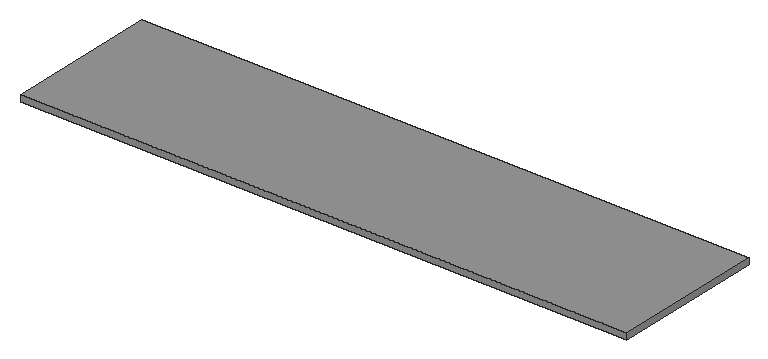
Revit family "Envirocoustic Wood Wool panel", category Generic Models, Revit 2026
Family settings
  Can host rebar = No
  Round Connector Dimension = Use Diameter
  Part Type = Normal
  Work Plane-Based = Yes
  Always vertical = No
  Cut with Voids When Loaded = No
  Maintain Annotation Orientation = No
  Shared = No
  Room Calculation Point = No
Parameters (values of type "Square 2x8 Custom Painted")
  URL = "https://www.acousticalsurfaces.com/envirocoustic-wood-wool/ceiling-wall-panels/"
  Thickness Options = 0
  T = if(Thickness Options = 0, 0' 1", 0' 0") + if(Thickness Options = 1, 0' 1 3/8", 0' 0") + if(Thickness Options = 2, 0' 2", 0' 0")  # 0' - 1"
  Material = "Envirocoustic Wood Wool"
  Manufacturer = "Acoustical Surfaces, Inc."
  Finish = Custom Painted
  Edge Option = 2
  ‍     2. Square = Edge Option = 2  # yes
  ‍     1. Beveled = Edge Option = 1  # no
  Width = 2' - 0"
  Length = 8' - 0"
  ‍      2. Thickness 2" = Thickness Options = 2  # no
  ‍      1. Thickness 1-3/8" = Thickness Options = 1  # no
  ‍      0. Thickness 1" = Thickness Options = 0  # yes
  Default Elevation = 4' - 0"
  Backfill = no
  A = if(Backfill, 0' 1", 0' 0")  # 0' - 0"
Types (24): name | Finish | Edge Option | ‍     2. Square | ‍     1. Beveled | Length | Backfill | A
  Square 2x8 Custom Painted | Custom Painted | 2 | yes | no | 8' - 0" | no | 0' - 0"
  Square 2x4 Custom Painted | Custom Painted | 2 | yes | no | 4' - 0" | no | 0' - 0"
  Square 2x8 Primed White | Primed White | 2 | yes | no | 8' - 0" | no | 0' - 0"
  Square 2x4 Primed White | Primed White | 2 | yes | no | 4' - 0" | no | 0' - 0"
  Square 2x8 Primed Clear | Primed Clear | 2 | yes | no | 8' - 0" | no | 0' - 0"
  Square 2x4 Primed Clear | Primed Clear | 2 | yes | no | 4' - 0" | no | 0' - 0"
  Square 2x8 Custom Painted With Backfill | Custom Painted | 2 | yes | no | 8' - 0" | yes | 0' - 1"
  Square 2x4 Custom Painted With Backfill | Custom Painted | 2 | yes | no | 4' - 0" | yes | 0' - 1"
  Square 2x8 Primed White With Backfill | Primed White | 2 | yes | no | 8' - 0" | yes | 0' - 1"
  Square 2x4 Primed White With Backfill | Primed White | 2 | yes | no | 4' - 0" | yes | 0' - 1"
  Square 2x8 Primed Clear With Backfill | Primed Clear | 2 | yes | no | 8' - 0" | yes | 0' - 1"
  Square 2x4 Primed Clear With Backfill | Primed Clear | 2 | yes | no | 4' - 0" | yes | 0' - 1"
  Beveled 2x8 Custom Painted | Custom Painted | 1 | no | yes | 8' - 0" | no | 0' - 0"
  Beveled 2x4 Custom Painted | Custom Painted | 1 | no | yes | 4' - 0" | no | 0' - 0"
  Beveled 2x8 Primed White | Primed White | 1 | no | yes | 8' - 0" | no | 0' - 0"
  Beveled 2x4 Primed White | Primed White | 1 | no | yes | 4' - 0" | no | 0' - 0"
  Beveled 2x8 Primed Clear | Primed Clear | 1 | no | yes | 8' - 0" | no | 0' - 0"
  Beveled 2x4 Primed Clear | Primed Clear | 1 | no | yes | 4' - 0" | no | 0' - 0"
  Beveled 2x8 Custom Painted With Backfill | Custom Painted | 1 | no | yes | 8' - 0" | yes | 0' - 1"
  Beveled 2x4 Custom Painted With Backfill | Custom Painted | 1 | no | yes | 4' - 0" | yes | 0' - 1"
  Beveled 2x8 Primed White With Backfill | Primed White | 1 | no | yes | 8' - 0" | yes | 0' - 1"
  Beveled 2x4 Primed White With Backfill | Primed White | 1 | no | yes | 4' - 0" | yes | 0' - 1"
  Beveled 2x8 Primed Clear With Backfill | Primed Clear | 1 | no | yes | 8' - 0" | yes | 0' - 1"
  Beveled 2x4 Primed Clear With Backfill | Primed Clear | 1 | no | yes | 4' - 0" | yes | 0' - 1"
Reference planes (in)
  plane 1 "Center (Front/Back)": y = 0
  plane 2: z = 0
  plane 3 "Center (Left/Right)": x = 0
Dimensions and locks (in)
  "A": nested 1 to plane 2
  "A": nested 2 to level
  aligned and locked: level to plane 2
Nested families (in)
  nested 1: "Beveled" at (0, 0, 0), visible <- "‍     1. Beveled", type "Beveled"
    with A 8' - 0"
  nested 2: "Square" at (0, 0, 0), visible <- "‍     2. Square", type "Square"
    with A 8' - 0"
  nested 3: "Backfill" at (0, 0, 0), visible <- "Backfill", type "Backfill"
    with Width 2' - 0", Length 8' - 0"
Definition of nested family "Beveled"
  Parameters (values of type "Beveled")
    Thickness = 0' - 1"
    Material = none
    Default Elevation = 0' - 0"
    B = 2' - 0"
    A = 4' - 0"
  Reference planes (in)
    plane 1 "Center (Front/Back)": y = 0
    plane 2: z = 0
    plane 3 "Center (Left/Right)": x = 0
    plane 4: x = -24
    plane 5: x = 24
    plane 6: y = 12
    plane 7: y = -12
    plane 8: z = 1
  Forms (in)
    Extrusion 1, solid, material <- "Material"
      sketch origin (0, 0, 0) x (1, 0, 0) y (0, 1, 0)
        loop
          line (24, 12) -> (-24, 12) -> (-24, -12) -> (24, -12) -> (24, 12)
      from 0 to 1
    Sweep 2, void
      path in 3D
        loop
          line (24, 12, 1) -> (-24, 12, 1) -> (-24, -12, 1) -> (24, -12, 1) -> (24, 12, 1)
      profile "Triangle : Family2" origin (24, 0, 1) x (-1, 0, 0) y (0, 0, 1)
        loop
          line (0, 0) -> (0, -0.315) -> (0.315, 0) -> (0, 0)
  Cuts and joins
    Sweep 2 cuts Extrusion 1
  Lines and regions (in)
    sketch lines
      curve 1: line (24, -12, 1) -> (24, 12, 1)
      curve 2: line (-24, -12, 1) -> (24, -12, 1)
      curve 3: line (-24, 12, 1) -> (-24, -12, 1)
      curve 4: line (24, 12, 1) -> (-24, 12, 1)
  Dimensions and locks (in)
    equal spacing: plane 4, plane 3 "Center (Left/Right)", plane 5
    equal spacing: plane 7, plane 1 "Center (Front/Back)", plane 6
    "B": plane 7 to plane 6
    "A": plane 4 to plane 5
    "Thickness": plane 8 to level
    aligned and locked: level to plane 2
    aligned and locked: Extrusion 1 sketch curve to plane 4
    aligned and locked: plane 5 to Extrusion 1 sketch curve
    aligned and locked: Extrusion 1 sketch curve to plane 6
    aligned and locked: Extrusion 1 sketch curve to plane 7
    aligned and locked: Extrusion 1 to plane 8
Definition of nested family "Square"
  Parameters (values of type "Square")
    Thickness = 0' - 1"
    Material = none
    Default Elevation = 0' - 0"
    B = 2' - 0"
    A = 4' - 0"
  Reference planes (in)
    plane 1 "Center (Front/Back)": y = 0
    plane 2: z = 0
    plane 3 "Center (Left/Right)": x = 0
    plane 4: x = -24
    plane 5: x = 24
    plane 6: y = 12
    plane 7: y = -12
    plane 8: z = 1
  Forms (in)
    Extrusion 1, solid, material <- "Material"
      sketch origin (0, 0, 0) x (1, 0, 0) y (0, 1, 0)
        loop
          line (24, 12) -> (-24, 12) -> (-24, -12) -> (24, -12) -> (24, 12)
      from 0 to 1
  Dimensions and locks (in)
    equal spacing: plane 4, plane 3 "Center (Left/Right)", plane 5
    equal spacing: plane 7, plane 1 "Center (Front/Back)", plane 6
    "B": plane 7 to plane 6
    "A": plane 4 to plane 5
    "Thickness": plane 8 to level
    aligned and locked: level to plane 2
    aligned and locked: Extrusion 1 sketch curve to plane 4
    aligned and locked: plane 5 to Extrusion 1 sketch curve
    aligned and locked: Extrusion 1 sketch curve to plane 6
    aligned and locked: Extrusion 1 sketch curve to plane 7
    aligned and locked: Extrusion 1 to plane 8
Definition of nested family "Backfill"
  Parameters (values of type "Family4")
    Width = 6' - 3.7874"
    Thickness = 0' - 1"
    Length = 7' - 4.94292"
    Default Elevation = 0' - 0"
  Reference planes (in)
    plane 1 "Center (Front/Back)": y = 0
    plane 2: z = 0
    plane 3 "Center (Left/Right)": x = 0
    plane 4: x = -44.47146
    plane 5: x = 44.47146
    plane 6: y = 37.8937
    plane 7: y = -37.8937
    plane 8: z = 1
  Forms (in)
    Extrusion 1, solid
      sketch origin (0, 0, 0) x (1, 0, 0) y (0, 1, 0)
        loop
          line (-44.47146, 37.8937) -> (-44.47146, -37.8937) -> (44.47146, -37.8937) -> (44.47146, 37.8937) -> (-44.47146, 37.8937)
      from 0 to 1
  Dimensions and locks (in)
    equal spacing: plane 4, plane 3 "Center (Left/Right)", plane 5
    "Length": plane 4 to plane 5
    equal spacing: plane 7, plane 1 "Center (Front/Back)", plane 6
    "Width": plane 7 to plane 6
    "Thickness": plane 8 to plane 2
    aligned and locked: level to plane 2
    aligned and locked: Extrusion 1 sketch curve to plane 5
    aligned and locked: plane 4 to Extrusion 1 sketch curve
    aligned and locked: plane 6 to Extrusion 1 sketch curve
    aligned and locked: plane 7 to Extrusion 1 sketch curve
    aligned and locked: plane 8 to Extrusion 1
    aligned and locked: Extrusion 1 to level
